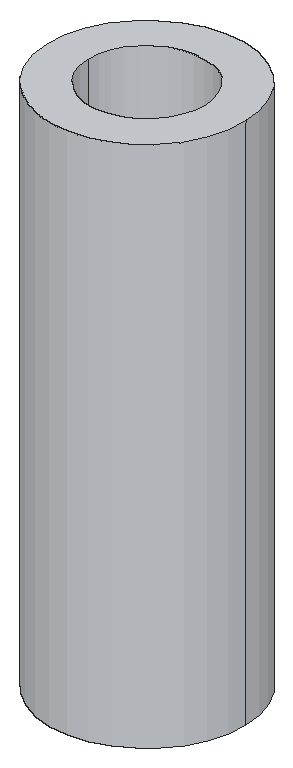
Revit family "Distanzmuffe rund", category HLS-Bauteile, Revit 2017
Family settings
  Bemaßung runder Anschluss = Durchmesser verwenden
  Teiletyp = Normal
  Arbeitsebenenbasiert = Nein
  Immer vertikal = Nein
  Beim Laden mit Abzugskörper schneiden = Nein
  Gemeinsam genutzt = Ja
  Raumberechnungspunkt = Nein
Parameters (values of type "Distanzmuffe rund M 8 L= 30")
  vpe = "100 St"
  passend für = ""
  für Stufenmutter = ""
  Schlüsselweite = ""
  Regelhalter [instance] = ""
  Oberflaeche = "galvanisch verzinkt"
  Mengeneinheit = "St"
  Material = "Stahl"
  Länge Innengewinde 2 = " mm"
  Länge Innengewinde 1 = "30 mm"
  Länge Außengewinde = " mm"
  Länge = 30 mm
  Kurztext2 = "Innengew. M8 L= 30 mm"
  Kurztext1 = "Distanzmuffe rund"
  Innengewinde 2 = ""
  Innengewinde 1 = "M8"
  Gewicht pro Bauteil = Gewicht  # 0.0142 kg
  Gewicht = 0.0142 kg
  Firma = "MEFA Befestigungs- und Montagesysteme GmbH"
  Fabrikat = "MEFA"
  EAN = "4250928416025"
  D0 = 6.5 mm
  D = 11 mm
  Außengewinde = ""
  Außendurchmesser = 11 mm
  Artikelnummer = "0700029"
Types (5, lengths in mm): name | Länge Innengewinde 1 | Länge | Kurztext2 | Innengewinde 1 | Gewicht pro Bauteil | Gewicht | EAN | D0 | D | Außendurchmesser | Artikelnummer
  (no name) | "30 mm" | 30 | "Innengew. M8 L= 30 mm" | "M8" | 0.0142 kg | 0.0142 kg | "4250928416025" | 6.5 | 11 | 11 | "0700029"
  Distanzmuffe rund M 6 L= 25 | "25 mm" | 25 | "Innengew. M6 L= 25 mm" | "M6" | 0.0116 kg | 0.0116 kg | "4250928415974" | 4.8 | 10 | 10 | "0700010"
  Distanzmuffe rund M 8 L= 30 | "30 mm" | 30 | "Innengew. M8 L= 30 mm" | "M8" | 0.0142 kg | 0.0142 kg | "4250928416025" | 6.5 | 11 | 11 | "0700029"
  Distanzmuffe rund M10 L= 40 | "40 mm" | 40 | "Innengew. M10 L= 40 mm" | "M10" | 0.0239 kg | 0.0239 kg | "4250928416032" | 8.2 | 13 | 13 | "0700037"
  Distanzmuffe rund M12 L= 40 | "40 mm" | 40 | "Innengew. M12 L= 40 mm" | "M12" | 0.0298 kg | 0.0298 kg | "4250928416049" | 9.9 | 15 | 15 | "0700045"
Reference planes
  plane 1 "Mitte (Vorne/hinten)": y = 0
  plane 2: z = 0
  plane 3 "Mitte (Links/rechts)": x = 0
  plane 4: z = 30
Forms (mm)
  Extrusion 1, solid
    sketch origin (0, 0, 0) x (1, 0, 0) y (0, 1, 0)
      loop
        circle (0, 0) r 5.5
    from 0 to 30
  Extrusion 2, void
    sketch origin (0, 0, 0) x (1, 0, 0) y (0, 1, 0)
      loop
        circle (0, 0) r 3.25
    from 0 to 30
Cuts and joins
  Extrusion 2 cuts Extrusion 1
Lines and regions (mm)
  model lines, not visible
    curve 1: line (10, 0, 30) -> (-10, 0, 30)
    curve 2: line (0, 10, 30) -> (0, -10, 30)
    curve 3: line (0, 10, 0) -> (0, -10, 0)
    curve 4: line (10, 0, 0) -> (-10, 0, 0)
    curve 5: line (0, 0, 42.5) -> (0, 0, -7.5)
Dimensions and locks
  "Länge": level to plane 4
  "D": diameter of Extrusion 1 sketch curve
  "D0": diameter of Extrusion 2 sketch curve
  aligned and locked: level to plane 2
  aligned and locked: Extrusion 1 to level
  aligned and locked: Extrusion 1 to curve 1
  aligned and locked: plane 4 to Extrusion 1
  aligned and locked: curve 2 to plane 4
  aligned and locked: curve 3 to level
  aligned and locked: curve 4 to level
  aligned and locked: plane 3 "Mitte (Links/rechts)" to curve 5
  aligned and locked: curve 5 to plane 1 "Mitte (Vorne/hinten)"
  aligned and locked: Extrusion 1 to Extrusion 2
  aligned and locked: plane 4 to cut or joined group of Extrusion 1, Extrusion 2  (x2)
Automatic sketch dimensions
  plane 1 "Mitte (Vorne/hinten)" to curve 2 = 10 mm
  plane 1 "Mitte (Vorne/hinten)" to curve 3 = 10 mm
  curve 3 to plane 1 "Mitte (Vorne/hinten)" = 10 mm
  curve 2 to plane 1 "Mitte (Vorne/hinten)" = 10 mm
  curve 1 to plane 3 "Mitte (Links/rechts)" = 10 mm
  curve 4 to plane 3 "Mitte (Links/rechts)" = 10 mm
  plane 3 "Mitte (Links/rechts)" to curve 4 = 10 mm
  plane 3 "Mitte (Links/rechts)" to curve 1 = 10 mm
  curve 5 to level = 7.5 mm
  plane 4 to curve 5 = 12.5 mm
  plane 1 "Mitte (Vorne/hinten)" to Extrusion 1 sketch curve = 0 mm
  Extrusion 1 sketch curve to plane 3 "Mitte (Links/rechts)" = 0 mm
  plane 1 "Mitte (Vorne/hinten)" to Extrusion 2 sketch curve = 0 mm
  Extrusion 2 sketch curve to plane 3 "Mitte (Links/rechts)" = 0 mm
